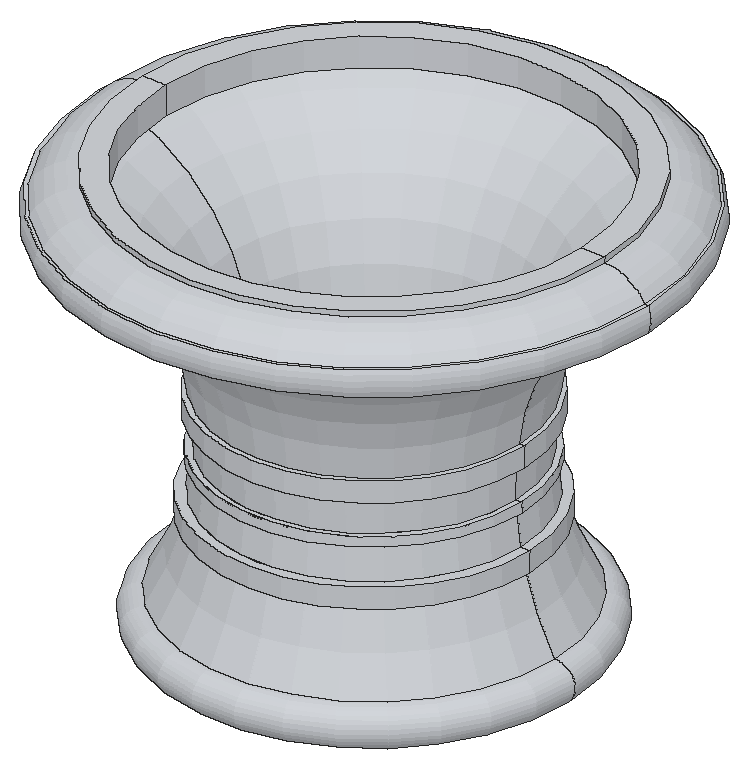
Revit family
Parameters (values of type "SBSP-040.5")
  Width = 5' - 4"
  URL = "www.strombergarchitectural.com"
  Top Material = GFRC
  Submittal Sheet = "www.strombergarchitectural.com/images/materials/gfrc/submittal/gfrc-submittal-sheet.pdf"
  Specifications = "www.strombergarchitectural.com/gfrcspecifications"
  Model Cut-sheet = "www.strombergarchitectural.com/products/bollards/design/sbsp-040"
  Model = "SBSP-040"
  Manufacturer = "Stromberg Architectural Products"
  Guidebook = "www.strombergarchitectural.com/images/materials/gfrc/handbooks/gfrc_guidebook.pdf"
  Frame Material = none
  Description = "GFRC Bollard"
  Assembly Code = ""
  Height = 4' - 0"
  040.5 = yes
  040.4 = no
  040.3 = no
  040.2 = no
  040.1 = no
Types (6): name | Width | Guidebook | Height | 040.5 | 040.4 | 040.3 | 040.2 | 040.1
  (no name) | 5' - 4" | "www.strombergarchitectural.com/images/materials/gfrc/handbooks/gfrc_guidebook.pdf" | 4' - 0" | yes | no | no | no | no
  SBSP-040.3 | 4' - 0" | "www.strombergarchitectural.com/images/materials/gfrc/handbooks/gfrc_guidebook.pdf" | 3' - 0" | no | no | yes | no | no
  SBSP-040.1 | 2' - 8" | "www.strombergarchitectural.com/images/materials/gfrc/handbooks/gfrc_guidebook.pdf   \r\n(http://www.strombergarchitectural.com/images/materials/gfrc/handbooks/gfrc_guidebook.pdf" | 2' - 0" | no | no | no | no | yes
  SBSP-040.2 | 3' - 4" | "www.strombergarchitectural.com/images/materials/gfrc/handbooks/gfrc_guidebook.pdf" | 2' - 6" | no | no | no | yes | no
  SBSP-040.4 | 4' - 8" | "www.strombergarchitectural.com/images/materials/gfrc/handbooks/gfrc_guidebook.pdf" | 3' - 6" | no | yes | no | no | no
  SBSP-040.5 | 5' - 4" | "www.strombergarchitectural.com/images/materials/gfrc/handbooks/gfrc_guidebook.pdf" | 4' - 0" | yes | no | no | no | no
Reference planes (in)
  plane 1 "Center (Front/Back)": y = 3.74847
  plane 2: z = 0
  plane 3 "Center (Left/Right)": x = 0.7278
  plane 4 "Front": y = -3.25153
  plane 5 "Back": y = 10.74847
  plane 6 "Left": x = -17.2722
  plane 7 "Right": x = 18.7278
Forms (in)
  Revolve 1, solid, visible <- "040.3"
    sketch origin (-0.07223, 3.74847, 0) x (1, 0, 0) y (0, 0, 1)
      loop
        line (18.7782, 33.57972) -> (20.61563, 33.57972)
        arc (20.61563, 33.57972) -> (21.47161, 33.41333) -> (22.20294, 32.93841) r 2.28503
        arc (22.20294, 32.93841) -> (14.88588, 27.88243) -> (11.46169, 19.67407) r 15.79141
        arc (11.46169, 19.67407) -> (11.57442, 10.49928) -> (15.03152, 2) r 24.67513
        line (15.03152, 2) -> (0.80003, 2) -> (0.80003, 0) -> (16.47249, 0)
        arc (16.47249, 0) -> (18.16596, 1.69347) -> (16.47249, 3.38694) r 1.69347
        arc (16.47249, 3.38694) -> (14.96763, 6.25729) -> (13.89081, 9.31408) r 22.49738
        line (13.89081, 9.31408) -> (14.31418, 9.31408) -> (14.31418, 11.00755) -> (13.49794, 11.00755)
        arc (13.49794, 11.00755) -> (13.28023, 12.36793) -> (13.1462, 13.73908) r 22.49738
        line (13.1462, 13.73908) -> (13.64734, 13.73908)
        arc (13.64734, 13.73908) -> (13.62428, 14.12961) -> (13.6078, 14.52047) r 23.22705
        line (13.6078, 14.52047) -> (13.10754, 14.52047)
        arc (13.10754, 14.52047) -> (13.10528, 15.88754) -> (13.18605, 17.25222) r 22.49738
        line (13.18605, 17.25222) -> (13.82645, 17.25222) -> (13.82645, 18.94569) -> (13.40308, 18.94569)
        arc (13.40308, 18.94569) -> (16.78518, 27.03333) -> (24.3583, 31.4488) r 13.79141
        line (24.3583, 31.4488) -> (24.5255, 31.4488)
        arc (24.5255, 31.4488) -> (24.77403, 32.50722) -> (24.5255, 33.56564) r 2.37805
        line (24.5255, 33.56564) -> (24.247, 33.56564)
        arc (24.247, 33.56564) -> (22.76261, 35.00238) -> (20.7782, 35.57663) r 4.2807
        line (20.7782, 35.57663) -> (20.7782, 36) -> (18.7782, 36) -> (18.7782, 33.57972)
      axis (0.80003, 0) -> (0.80003, 36)
    angle from 0 to 360
  Revolve 2, solid, visible <- "040.2"
    sketch origin (77.01319, 3.74847, 0) x (1, 0, 0) y (0, 0, 1)
      loop
        line (-76.28538, 0) -> (-63.225, 0)
        arc (-63.225, 0) -> (-61.81377, 1.41122) -> (-63.225, 2.82245) r 1.41122
        arc (-63.225, 2.82245) -> (-64.47905, 5.21441) -> (-65.3764, 7.76174) r 18.74781
        line (-65.3764, 7.76174) -> (-65.02359, 7.76174) -> (-65.02359, 9.17296) -> (-65.70379, 9.17296)
        arc (-65.70379, 9.17296) -> (-65.88522, 10.30661) -> (-65.99691, 11.44923) r 18.74781
        line (-65.99691, 11.44923) -> (-65.57929, 11.44923)
        arc (-65.57929, 11.44923) -> (-65.59866, 11.77466) -> (-65.61224, 12.10039) r 18.33115
        line (-65.61224, 12.10039) -> (-66.02912, 12.10039)
        arc (-66.02912, 12.10039) -> (-66.03101, 13.23961) -> (-65.9637, 14.37685) r 18.74781
        line (-65.9637, 14.37685) -> (-65.43004, 14.37685) -> (-65.43004, 15.78808) -> (-65.78284, 15.78808)
        arc (-65.78284, 15.78808) -> (-62.92776, 22.49565) -> (-56.65349, 26.20733) r 11.69004
        line (-56.65349, 26.20733) -> (-56.51415, 26.20733)
        arc (-56.51415, 26.20733) -> (-56.30705, 27.08935) -> (-56.51415, 27.97136) r 1.98171
        line (-56.51415, 27.97136) -> (-56.74624, 27.97136)
        arc (-56.74624, 27.97136) -> (-57.98323, 29.16865) -> (-59.63691, 29.64719) r 3.56725
        line (-59.63691, 29.64719) -> (-59.63691, 30) -> (-61.30357, 30) -> (-61.30357, 27.97136) -> (-59.77238, 27.9831)
        arc (-59.77238, 27.9831) -> (-59.0595, 27.84434) -> (-58.45071, 27.44831) r 1.90058
        arc (-58.45071, 27.44831) -> (-64.67521, 23.0747) -> (-67.43919, 15.98715) r 13.15951
        arc (-67.43919, 15.98715) -> (-67.27727, 8.54394) -> (-64.42581, 1.66667) r 20.16694
        line (-64.42581, 1.66667) -> (-76.28538, 1.66667) -> (-76.28538, 0)
      axis (-76.28538, 0) -> (-76.28538, 30)
    angle from 0 to 360
  Revolve 3, solid, visible <- "040.1"
    sketch origin (130.09081, 3.74847, 0) x (1, 0, 0) y (0, 0, 1)
      loop
        line (-117.37756, 24) -> (-117.37756, 22.38648) -> (-116.15261, 22.38648)
        arc (-116.15261, 22.38648) -> (-115.5823, 22.27547) -> (-115.09527, 21.95865) r 1.52047
        arc (-115.09527, 21.95865) -> (-120.07487, 18.45976) -> (-122.28605, 12.78972) r 10.52761
        arc (-122.28605, 12.78972) -> (-122.15652, 6.83515) -> (-119.87534, 1.33333) r 16.13355
        line (-119.87534, 1.33333) -> (-129.36301, 1.33333) -> (-129.36301, 0) -> (-118.9147, 0)
        arc (-118.9147, 0) -> (-117.78572, 1.12898) -> (-118.9147, 2.25796) r 1.12898
        arc (-118.9147, 2.25796) -> (-119.91794, 4.17153) -> (-120.63582, 6.20939) r 14.99825
        line (-120.63582, 6.20939) -> (-120.35357, 6.20939) -> (-120.35357, 7.33837) -> (-120.89773, 7.33837)
        arc (-120.89773, 7.33837) -> (-121.04287, 8.24528) -> (-121.13223, 9.15938) r 14.99825
        line (-121.13223, 9.15938) -> (-120.79813, 9.15938) -> (-120.82449, 9.68031) -> (-121.158, 9.68031)
        arc (-121.158, 9.68031) -> (-121.15951, 10.59169) -> (-121.10566, 11.50148) r 14.99825
        line (-121.10566, 11.50148) -> (-120.67873, 11.50148) -> (-120.67873, 12.63046) -> (-120.96097, 12.63046)
        arc (-120.96097, 12.63046) -> (-118.70624, 18.02222) -> (-113.65749, 20.96587) r 9.19428
        line (-113.65749, 20.96587) -> (-113.60747, 20.96587) -> (-113.54602, 20.96587)
        arc (-113.54602, 20.96587) -> (-113.38034, 21.67148) -> (-113.54602, 22.37709) r 1.58537
        line (-113.54602, 22.37709) -> (-113.73169, 22.37709)
        arc (-113.73169, 22.37709) -> (-114.72129, 23.33492) -> (-116.04422, 23.71776) r 2.8538
        line (-116.04422, 23.71776) -> (-116.04422, 24) -> (-117.37756, 24)
      axis (-129.36301, 0) -> (-129.36301, 24)
    angle from 0 to 360
  Revolve 4, solid, visible <- "040.4"
    sketch origin (-79.49622, 3.74847, 0) x (1, 0, 0) y (0, 0, 1)
      loop
        line (101.19856, 42) -> (101.19856, 39.17634) -> (103.34222, 39.17634)
        arc (103.34222, 39.17634) -> (104.34026, 38.98207) -> (105.19256, 38.42764) r 2.66082
        arc (105.19256, 38.42764) -> (96.47826, 32.30458) -> (92.60869, 22.38202) r 18.42332
        arc (92.60869, 22.38202) -> (92.35423, 20.37862) -> (92.24188, 18.36226) r 28.58027
        arc (92.24188, 18.36226) -> (92.30665, 15.77276) -> (92.60561, 13.19976) r 28.58027
        arc (92.60561, 13.19976) -> (94.13477, 7.54053) -> (96.82743, 2.33333) r 27.53128
        line (96.82743, 2.33333) -> (80.22402, 2.33333) -> (80.22402, 0) -> (98.50856, 0)
        arc (98.50856, 0) -> (100.48428, 1.97571) -> (98.50856, 3.95143) r 1.97571
        arc (98.50856, 3.95143) -> (96.75289, 7.30017) -> (95.4966, 10.86643) r 26.24694
        line (95.4966, 10.86643) -> (95.99053, 10.86643) -> (95.99053, 12.84214) -> (95.03825, 12.84214)
        arc (95.03825, 12.84214) -> (94.78425, 14.42925) -> (94.62788, 16.02892) r 26.24694
        line (94.62788, 16.02892) -> (95.21255, 16.02892)
        arc (95.21255, 16.02892) -> (95.18543, 16.48453) -> (95.16642, 16.94055) r 25.66361
        line (95.16642, 16.94055) -> (94.58278, 16.94055)
        arc (94.58278, 16.94055) -> (94.58014, 18.53546) -> (94.67438, 20.12759) r 26.24694
        line (94.67438, 20.12759) -> (95.42151, 20.12759) -> (95.42151, 22.10331) -> (94.92758, 22.10331)
        arc (94.92758, 22.10331) -> (98.87337, 31.53888) -> (107.70868, 36.69027) r 16.08998
        line (107.70868, 36.69027) -> (107.90374, 36.69027)
        arc (107.90374, 36.69027) -> (108.19369, 37.92509) -> (107.90374, 39.15991) r 2.77439
        line (107.90374, 39.15991) -> (107.57882, 39.15991)
        arc (107.57882, 39.15991) -> (105.84703, 40.83611) -> (103.53189, 41.50607) r 4.99415
        line (103.53189, 41.50607) -> (103.53189, 42) -> (101.19856, 42)
      axis (80.22402, 0) -> (80.22402, 42)
    angle from 0 to 360
  Revolve 5, solid, visible <- "040.5"
    sketch origin (-174.39189, 3.74847, 0) x (1, 0, 0) y (0, 0, 1)
      loop
        line (199.09059, 48) -> (199.09059, 44.77296) -> (201.54049, 44.77296)
        arc (201.54049, 44.77296) -> (202.6811, 44.55094) -> (203.65517, 43.9173) r 3.04094
        arc (203.65517, 43.9173) -> (193.69596, 36.91952) -> (189.27359, 25.57945) r 21.05522
        arc (189.27359, 25.57945) -> (189.53267, 13.6703) -> (194.09501, 2.66667) r 32.26711
        line (194.09501, 2.66667) -> (175.11969, 2.66667) -> (175.11969, 0) -> (196.01631, 0)
        arc (196.01631, 0) -> (198.27427, 2.25796) -> (196.01631, 4.51592) r 2.25796
        arc (196.01631, 4.51592) -> (194.00983, 8.34305) -> (192.57407, 12.41878) r 29.9965
        line (192.57407, 12.41878) -> (193.13856, 12.41878) -> (193.13856, 14.67674) -> (192.05024, 14.67674)
        arc (192.05024, 14.67674) -> (191.75996, 16.49057) -> (191.58125, 18.31877) r 29.9965
        line (191.58125, 18.31877) -> (192.24944, 18.31877)
        arc (192.24944, 18.31877) -> (192.21845, 18.83946) -> (192.19672, 19.36062) r 29.32984
        line (192.19672, 19.36062) -> (191.5297, 19.36062)
        arc (191.5297, 19.36062) -> (191.52669, 21.18338) -> (191.63439, 23.00296) r 29.9965
        line (191.63439, 23.00296) -> (192.48825, 23.00296) -> (192.48825, 25.26092) -> (191.92376, 25.26092)
        arc (191.92376, 25.26092) -> (196.43323, 36.04444) -> (206.53073, 41.93173) r 18.38855
        line (206.53073, 41.93173) -> (206.75366, 41.93173)
        arc (206.75366, 41.93173) -> (207.08503, 43.34296) -> (206.75366, 44.75418) r 3.17074
        line (206.75366, 44.75418) -> (206.38232, 44.75418)
        arc (206.38232, 44.75418) -> (204.40313, 46.66984) -> (201.75726, 47.43551) r 5.7076
        line (201.75726, 47.43551) -> (201.75726, 48) -> (199.09059, 48)
      axis (175.11969, 0) -> (175.11969, 48)
    angle from 0 to 360
